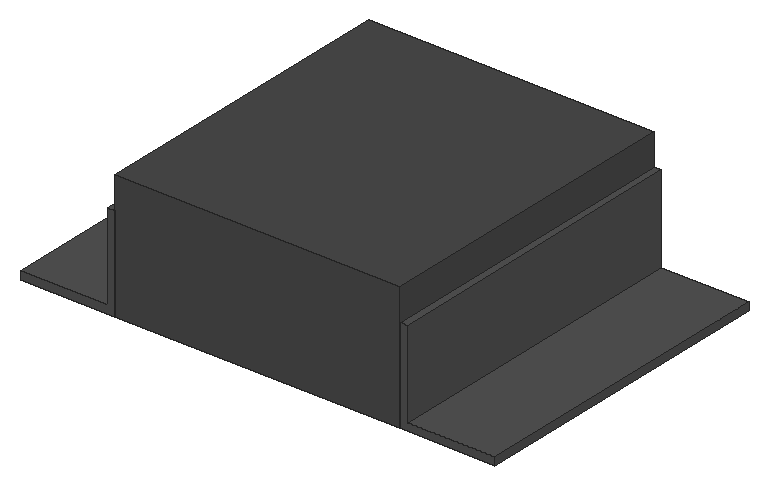
Revit family "DockEquipment_Accessories_SuperSeal_DockBumpers-Laminated", category Generic Models, Revit 2011
Parameters
  offset [instance] = 0' - 10 3/4"
  Warranty Duration (Years) = 0
  Unit Width [instance] = 1' - 3"
  Unit Height [instance] = 0' - 10"
  Unit Depth = 0' - 4"
  URL = "http://www.supersealmfg.com/"
  Specification = ""
  SpecWizard = ""
  Angle Material = Metal - Steel - Super Seal - Painted - Black
  Send Message = "http://www.arcat.com/users.pl?action=UserEmail&company=Super-Seal%20Mfg.%20Ltd&coid=44693&rep=119&fax=905-850-4440 &mf="
  Sales Information = "http://www.supersealmfg.com/ContactUs.htm"
  Revision = "R1_07-2011"
  Product Properties = ""
  Product Data = "http://arcat.com/arcatcos/cos44/arc44693.html?isac=1&r=1"
  Model = "As Specified"
  Material = Rubber - Super Seal - Black Laminated
  Manufacturer Website = "http://www.supersealmfg.com/"
  Manufacturer Phone - Toll Free = "800-337-3239 "
  Manufacturer Phone = "800-337-3239 "
  Manufacturer Fax = "905-850-4440 "
  Manufacturer Address = "670 Rowntree Dairy Rd. Woodbridge , ON, Canada L4L-5T8"
  Manufacturer = "Super-Seal Mfg. Ltd"
  Maintenance Schedule (Months) = 0
  Keynote = ""
  Installation-Fabrication = ""
  Installation Phase = ""
  Green Building-LEED = ""
  Expected Lifespan (Years) = 0
  Drawn By = "Sumex Design, Inc. / Robert S. Weygant, CSI, CDT, SCIP"
  Description = "Super Seal"
  Default Elevation = 4' - 0"
  Copyright = "©Arcat Inc."
  Construction Details = "http://arcat.com/details/supersea/supersea.html?coid=44693"
  Assembly Code = ""
Reference planes (in)
  plane 1 "Center (Front/Back)": y = 0
  plane 2 "Bottom": z = 0
  plane 3 "Center (Left/Right)": x = 0
  plane 4 "Front": y = -5
  plane 5 "Left": x = -7.5
  plane 6 "Right": x = 7.5
  plane 7 "Top": z = 4
  plane 8: y = 5
  plane 9: x = -4.5
  plane 10: x = 4.5
  plane 11: z = 3
Forms (in)
  Extrusion 1, solid, material "Metal - Steel - Super Seal - Painted - Black" <- "Angle Material"
    sketch origin (-84.43441, 5, 48) x (-1, 0, 0) y (0, 0, 1)
      loop
        line (-76.93441, -48) -> (-76.93441, -47.75) -> (-79.68441, -47.75) -> (-79.68441, -45) -> (-79.93441, -45) -> (-79.93441, -48) -> (-76.93441, -48)
      loop
        line (-91.93441, -48) -> (-88.93441, -48) -> (-88.93441, -45) -> (-89.18441, -45) -> (-89.18441, -47.75) -> (-91.93441, -47.75) -> (-91.93441, -48)
    from 0 to -10
  Extrusion 2, solid, material "Rubber - Super Seal - Black Laminated" <- "Material"
    sketch origin (0, 0, 0) x (1, 0, 0) y (0, 1, 0)
      loop
        line (-4.5, 5) -> (-4.5, -5) -> (4.5, -5) -> (4.5, 5) -> (-4.5, 5)
    from 0 to 4
Dimensions and locks (in)
  equal spacing: plane 5 "Left", plane 3 "Center (Left/Right)", plane 6 "Right"
  "Unit Width": plane 5 "Left" to plane 6 "Right"
  equal spacing: plane 8, plane 1 "Center (Front/Back)", plane 4 "Front"
  "Unit Depth": plane 7 "Top" to level
  "Unit Height": plane 8 to plane 4 "Front"
  locked: plane 10 to plane 6 "Right" at 3
  locked: plane 5 "Left" to plane 9 at 3
  locked: plane 11 to level at 3
  aligned and locked: Extrusion 1 to plane 4 "Front"
  aligned and locked: plane 7 "Top" to Extrusion 2
Automatic sketch dimensions
  Extrusion 1 sketch curve to level = 0' - 0"  (x2)
  Extrusion 1 sketch curve to plane 6 "Right" = 0' - 0"
  Extrusion 1 sketch curve to plane 11 = 0' - 0"  (x2)
  Extrusion 1 sketch curve to plane 10 = 0' - 0"
  Extrusion 1 sketch curve to plane 9 = 0' - 0"
  Extrusion 1 sketch curve to plane 5 "Left" = 0' - 0"
  Extrusion 1 sketch curve to Extrusion 1 sketch curve = 0' - 0 1/4"  (x3)
  level to Extrusion 1 sketch curve = 0' - 0 1/4"
  Extrusion 2 sketch curve to plane 4 "Front" = 0' - 0"
  Extrusion 2 sketch curve to plane 9 = 0' - 0"
  Extrusion 2 sketch curve to plane 10 = 0' - 0"
  Extrusion 2 sketch curve to plane 8 = 0' - 0"
